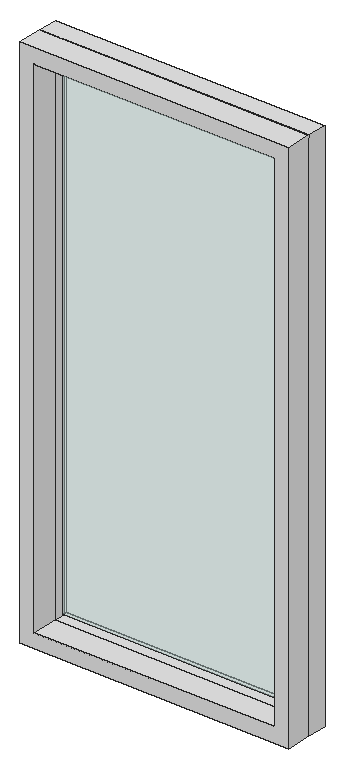
Revit family "CT_Jan_Int_DEG", category Windows, host Wall, Revit 2025
Family settings
  Host = Wall
  OmniClass Number = 23.30.20.17.21.14
  OmniClass Title = Casement Windows
  Always vertical = Yes
  Cut with Voids When Loaded = No
  Shared = No
  Room Calculation Point = Yes
Parameters (values of type "JAN_060x120_INT_DEG_1PA")
  Material_Esquadria = CT_Esquadrias_Aluminio
  Material Painel = CT_Vidros
  Height = 1200.00 mm
  Define Thermal Properties by = Schematic Type
  Default Sill Height = Altura_Verga - Height  # 900.00 mm
  Trim Projection - Ext. = 12.50 mm
  Trim Projection - Int. = 12.50 mm
  Trim Width - Exterior = 50.00 mm
  Trim Width - Interior = 50.00 mm
  Wall Closure = By host
  Width = 600.00 mm
  Window Inset = 25.00 mm
  Analytic Construction = "<None>"
  Altura_Verga = 2100.00 mm
Types (4, lengths in mm): name | Height | Default Sill Height | Trim Projection - Ext. | Trim Projection - Int. | Trim Width - Exterior | Trim Width - Interior | Width | Window Inset
  JAN_200x060_INT_DEG_1PA | 600.00 | 1500.00 | 12.50 | 12.50 | 50.00 | 50.00 | 2000.00 | 25.00
  JAN_120x120_INT_DEG_1PA | 1200.00 | 900.00 | 12.50 | 12.50 | 50.00 | 50.00 | 1200.00 | 25.00
  JAN_060x120_INT_DEG_1PA | 1200.00 | 900.00 | 12.50 | 12.50 | 50.00 | 50.00 | 600.00 | 25.00
  JAN_080x080_INT_DEG_1PA | 800.00 | 1300.00 | 10.00 | 10.00 | 10.00 | 10.00 | 800.00 | 10.00
Reference planes
  plane 1: y = 0
  plane 2: z = 0
  plane 3 "Center": x = 0
  plane 4 "Left": x = -300
  plane 5 "Right": x = 300
  plane 6 "Sill": z = 900
  plane 7 "Top": z = 2100
  plane 8: y = 50
  plane 9: y = -50
  plane 10: y = 25
  plane 11 "Top": z = 1500
  plane 12: x = -280.95
  plane 13: x = -268.25
  plane 14: x = -330.95
  plane 15: x = -318.25
  plane 16: x = 268.25
  plane 17: x = 280.95
  plane 18: x = 318.25
  plane 19: x = 330.95
  plane 20: z = 2130.95
  plane 21: z = 2118.25
  plane 22: z = 2080.95
  plane 23: z = 2068.25
  plane 24: z = 931.75
  plane 25: z = 881.75
  plane 26 "Closure": y = 2.425
Forms (mm)
  Extrusion 1, solid, material "CT_Esquadrias_Aluminio" <- "Material_Esquadria"
    sketch origin (0, 0, 0) x (1, 0, 0) y (0, 0, 1)
      loop
        line (-300, 2100) -> (-300, 900) -> (300, 900) -> (300, 2100) -> (-300, 2100)
      loop
        line (-280.95, 2080.95) -> (-280.95, 919.05) -> (280.95, 919.05) -> (280.95, 2080.95) -> (-280.95, 2080.95)
    from -50 to -6.75
  Extrusion 2, solid, material "CT_Esquadrias_Aluminio" <- "Material_Esquadria"
    sketch origin (0, 0, 0) x (-1, 0, 0) y (0, 0, 1)
      loop
        line (-300, 2100) -> (-300, 900) -> (300, 900) -> (300, 2100) -> (-300, 2100)
      loop
        line (-268.25, 2068.25) -> (-268.25, 931.75) -> (268.25, 931.75) -> (268.25, 2068.25) -> (-268.25, 2068.25)
    from 6.75 to -50
  Extrusion 3, solid, material "CT_Vidros" <- "Material Painel"
    sketch origin (-124.971, -78.7, -117.036) x (1, 0, 0) y (0, 0, 1)
      loop
        line (-143.279, 2185.286) -> (-143.279, 1048.786) -> (393.221, 1048.786) -> (393.221, 2185.286) -> (-143.279, 2185.286)
    from -118.585 to -107.675
Lines and regions (mm)
  Opening 1
    outline origin (-1524, -50, 0) x (1, 0, 0) y (0, 0, 1)
      loop
        line (1224, 2100) -> (1224, 900) -> (1824, 900) -> (1824, 2100) -> (1224, 2100)
  symbolic lines, style "WindowsFrameMullionProjection"
    curve 1: line (-300, 50, 0) -> (-280.95, 50, 0)
    curve 2: line (-280.95, 6.75, 0) -> (-280.95, 50, 0)
    curve 3: line (-280.95, 6.75, 0) -> (-268.25, 6.75, 0)
    curve 4: line (-268.25, -50, 0) -> (-268.25, 6.75, 0)
    curve 5: line (300, 50, 0) -> (280.95, 50, 0)
    curve 6: line (268.25, 6.75, 0) -> (268.25, -50, 0)
    curve 7: line (268.25, 6.75, 0) -> (280.95, 6.75, 0)
    curve 8: line (280.95, 6.75, 0) -> (280.95, 50, 0)
    curve 9: line (-280.95, 25, 0) -> (-236.5, 25, 0)
    curve 10: line (-280.95, 25, 0) -> (-280.95, 6.75, 0)
    curve 11: line (-280.95, 6.75, 0) -> (-236.5, 6.75, 0)
    curve 12: line (-236.5, 25, 0) -> (-236.5, 6.75, 0)
    curve 13: line (280.95, 25, 0) -> (236.5, 25, 0)
    curve 14: line (280.95, 25, 0) -> (280.95, 6.75, 0)
    curve 15: line (280.95, 6.75, 0) -> (236.5, 6.75, 0)
    curve 16: line (236.5, 25, 0) -> (236.5, 6.75, 0)
    curve 18: line (-268.25, -50, 0) -> (-300, -50, 0)
    curve 19: line (268.25, -50, 0) -> (300, -50, 0)
  symbolic lines, style "WindowsGlassProjection"
    curve 17: line (-236.5, 28.975, 0) -> (236.5, 28.975, 0)
Text (mm)
  text "EXTERIOR" at (-1437.207, 772.553, 0), in view "Floor Line"
  text "INTERIOR" at (-1490.695, -608.643, 0), in view "Floor Line"
  text "Exterior" at (0, 1108.87, 3415.022), in view "Left"
  text "Exterior" at (0, 464.664, 3176.206), in view "Right"
Dimensions and locks
  equal spacing: plane 4 "Left", plane 3 "Center", plane 5 "Right"
  "Width": plane 4 "Left" to plane 5 "Right"
  plane 2 to plane 25 to plane 6 "Sill" to plane 11 "Top" to plane 7 "Top" = 881.75 mm, 18.25 mm, 600.00 mm, 600.00 mm
  "Window Inset": plane 8 to plane 10
  Extrusion 3 to plane 10 = 14.885 mm
  Extrusion 3 to Extrusion 3 = 10.91 mm
  equal spacing: plane 6 "Sill", plane 11 "Top", plane 7 "Top"
  locked: plane 4 "Left" to plane 13 at 31.75
  locked: plane 16 to plane 5 "Right" at 31.75
  locked: plane 4 "Left" to plane 12 at 19.05
  locked: plane 17 to plane 5 "Right" at 19.05
  locked: plane 22 to plane 7 "Top" at 19.05
  "Trim Width - Exterior": plane 22 to plane 20
  "Trim Width - Exterior": plane 17 to plane 19
  "Trim Width - Exterior": plane 14 to plane 12
  locked: plane 7 "Top" to plane 23 at 31.75
  locked: plane 24 to plane 6 "Sill" at 31.75
  "Trim Width - Interior": plane 21 to plane 23
  "Trim Width - Interior": plane 24 to plane 25
  "Trim Width - Interior": plane 15 to plane 13
  "Trim Width - Interior": plane 16 to plane 18
  "Height": plane 7 "Top" to plane 6 "Sill"
  "Default Sill Height": plane 6 "Sill" to plane 2
  locked: plane 8 to plane 26 "Closure" at 47.575
  "Altura_Verga": plane 7 "Top" to level
  aligned and locked: plane 7 "Top" to Opening 1 sketch curve
  aligned and locked: plane 6 "Sill" to Opening 1 sketch curve  (x2)
  aligned and locked: plane 5 "Right" to Opening 1 sketch curve
  aligned and locked: plane 4 "Left" to Opening 1 sketch curve
  aligned and locked: plane 9 to host wall
  aligned and locked: host wall to Extrusion 2
  aligned and locked: host wall to plane 8
  aligned and locked: host wall to Extrusion 1
  aligned and locked: Extrusion 2 to Extrusion 1
  aligned and locked: curve 5 to Extrusion 1  (x2)
  aligned and locked: Extrusion 1 to curve 11
  aligned and locked: Extrusion 1 to curve 7
  aligned and locked: Extrusion 3 to Extrusion 2
  aligned and locked: Extrusion 2 to Extrusion 3  (x3)
  aligned and locked: Extrusion 3 to curve 17
Automatic sketch dimensions
  Extrusion 1 sketch curve to plane 4 "Left" = 0.00 mm
  Extrusion 1 sketch curve to plane 5 "Right" = 0.00 mm
  Extrusion 1 sketch curve to plane 4 "Left" = 19.05 mm
  plane 5 "Right" to Extrusion 1 sketch curve = 19.05 mm
  Extrusion 1 sketch curve to plane 6 "Sill" = 0.00 mm
  Extrusion 1 sketch curve to plane 7 "Top" = 0.00 mm
  Extrusion 1 sketch curve to plane 6 "Sill" = 19.05 mm
  plane 7 "Top" to Extrusion 1 sketch curve = 19.05 mm
  Extrusion 2 sketch curve to plane 5 "Right" = 0.00 mm
  Extrusion 2 sketch curve to plane 4 "Left" = 0.00 mm
  plane 5 "Right" to Extrusion 2 sketch curve = 31.75 mm
  Extrusion 2 sketch curve to plane 4 "Left" = 31.75 mm
  Extrusion 2 sketch curve to plane 6 "Sill" = 0.00 mm
  Extrusion 2 sketch curve to plane 7 "Top" = 0.00 mm
  Extrusion 2 sketch curve to plane 6 "Sill" = 31.75 mm
  plane 7 "Top" to Extrusion 2 sketch curve = 31.75 mm
  curve 18 to plane 4 "Left" = 0.00 mm
  curve 1 to plane 4 "Left" = 0.00 mm
  curve 2 to plane 8 = 0.00 mm
  curve 10 to plane 10 = 0.00 mm
  curve 13 to plane 10 = 0.00 mm
  curve 19 to plane 5 "Right" = 0.00 mm
  curve 2 to plane 4 "Left" = 19.05 mm
  curve 9 to curve 12 = 44.45 mm
  plane 5 "Right" to curve 13 = 19.05 mm
  curve 19 to plane 9 = 0.00 mm
  curve 4 to plane 9 = 0.00 mm
  plane 16 to curve 13 = 31.75 mm
  Extrusion 3 sketch curve to plane 13 = 0.00 mm
  plane 16 to Extrusion 3 sketch curve = 0.00 mm
  Extrusion 3 sketch curve to plane 24 = 0.00 mm
  plane 23 to Extrusion 3 sketch curve = 0.00 mm
  curve 3 to plane 13 = 0.00 mm
  curve 7 to plane 16 = 0.00 mm
